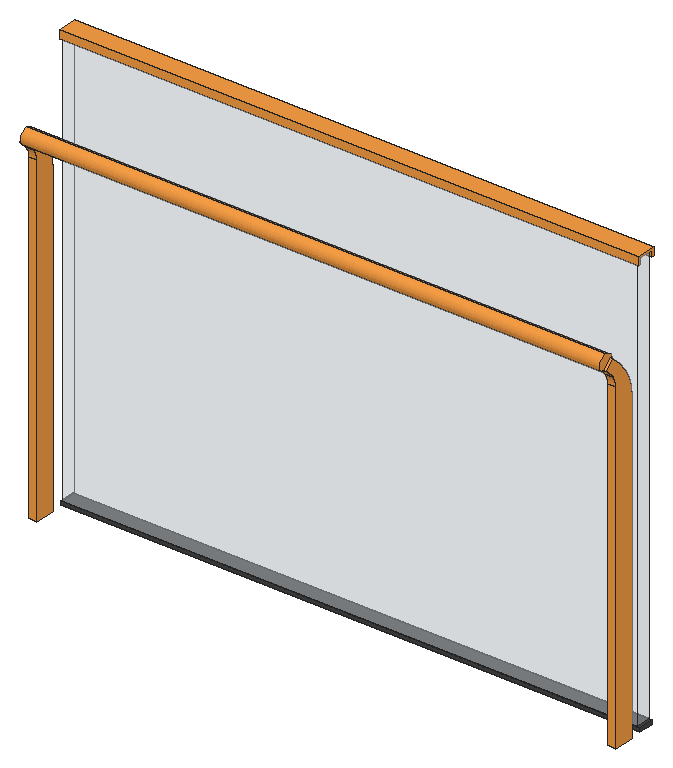
Revit family "Railing_Main", category Curtain Panels, Revit 2025
Family settings
  OmniClass Number = 23.25.20.14.11.11.17
  OmniClass Title = Infill Panels
  Always vertical = Yes
  Cut with Voids When Loaded = No
  Shared = No
Parameters (values of type "Flat")
  show_flat [instance] = is_flat  # yes
  show_arc inverted [instance] = and(is_arc, is_inverted arc)  # no
  show_arc [instance] = and(is_arc, not(is_inverted arc))  # no
  is_inverted arc [instance] = no
  is_flat [instance] = not(is_arc)  # yes
  is_arc = no
  Type Comments = "railing"
  R [instance] = 3000 mm
  Offset_Negative [instance] = if(CWPL_$Offset < 0 mm, abs(CWPL_$Offset), 0 mm)  # 0 mm
  Offset_Positive [instance] = if(CWPL_$Offset > 0 mm, abs(CWPL_$Offset), 0 mm)  # 0 mm
  Keynote = "RLG-1"
  H [instance] = 1100 mm
  Define Thermal Properties by = Schematic Type
  CWPL_$Width [instance] = 1500 mm
  CWPL_$Offset = 0 mm
  CWPL_$Height [instance] = 2500 mm
  Analytic Construction = "<None>"
Types (2, lengths in mm): name | show_flat | show_arc | is_flat | is_arc
  Flat | yes | no | yes | no
  Arc | no | yes | no | yes
Reference planes
  plane 1 "Front": y = 0
  plane 2: z = 0
  plane 3 "Center (Left/Right)": x = 0
  plane 4 "Left": x = -750
  plane 5 "Right": x = 750
  plane 6 "Top": z = 2500
  plane 7 "Host": y = 0
  plane 8: y = 0
Text (mm)
  text "Exterior" at (-1379.057, 797.241, 0), in view "Ref. Level"
  text "Exterior" at (12192, 1055.114, 2275.943), in view "Right"
  text "Exterior" at (-6096, 1468.734, 2687.031), in view "Left"
  text "WORKPLANE = HOST" at (922.129, 232.231, 0), in view "Ref. Level"
Dimensions and locks
  equal spacing: plane 4 "Left", plane 3 "Center (Left/Right)", plane 5 "Right"
  "CWPL_$Height": plane 2 to plane 6 "Top"
  "Offset_Positive": plane 7 "Host" to plane 8
  "Offset_Negative": plane 8 to plane 1 "Front"
  "CWPL_$Width": plane 4 "Left" to plane 5 "Right"
  aligned and locked: level to plane 2
  aligned and locked: plane 7 "Host" to nested 1
  aligned and locked: nested 1 to plane 5 "Right"
  aligned and locked: plane 1 "Front" to nested 2
  aligned and locked: nested 2 to plane 5 "Right"
  aligned and locked: nested 3 to plane 7 "Host"
  aligned and locked: nested 3 to plane 5 "Right"
Nested families
  nested 1: "Edge railing_Straight" at (750, 0, 0), W <- "CWPL_$Width", H <- "H", visible <- "show_flat", type "SD"
    with W 1500 mm, H 1100 mm
  nested 2: "Edge railing_Arc" at (750, 0, 0), H <- "H", R <- "R", W <- "CWPL_$Width", visible <- "show_arc", type "SD"
    with angle flip -14.4775°, angle 14.4775°, W 1500 mm, R 3000 mm, H 1100 mm
  nested 3: "Edge railing_Invert Arc" at (750, 0, 0), H <- "H", W <- "CWPL_$Width", R <- "R", visible <- "show_arc inverted", type "SD"
    with angle flip -14.4775°, angle 14.4775°, W 1500 mm, R 3000 mm, H 1100 mm
  nested 4: "EA_ID ARROW" at (50, 0, 0), type "SD"
  nested 5: "EA_ID ARROW" at (90.912, 0, 0), type "SD"
  nested 6: "EA_ID ARROW" at (10, 0, 0), type "SD"
Definition of nested family "Edge railing_Straight"
  Parameters (values of type "SD")
    yes = not(no)  # yes
    no = 1 > 2  # no
    W [instance] = 1500 mm
    Typ Railing = yes
    Low Railing [instance] = no
    Handrail h = 1100 mm
    H [instance] = 1100 mm
    Default Elevation = 0 mm
  Reference planes
    plane 1 "Center (Front/Back)": y = 0
    plane 2: z = 0
    plane 3 "Center (Left/Right)": x = 0
    plane 4: x = -1500
  Forms (mm)
    Sweep 1, solid
      path origin (0, 0, 0) x (1, 0, 0) y (0, 1, 0)
        loop
          line (0, 0) -> (-1500, 0)
      profile "Glass Profile : Vision" origin (-750, 0, 0) x (0, -1, 0) y (0, 0, 1)
        loop
          line (0, 0) -> (40, 0) -> (40, 1100) -> (0, 1100) -> (0, 0)
    Sweep 2, void
      path origin (0, 0, 0) x (1, 0, 0) y (0, 0, 1)
        loop
          line (0, 0) -> (0, 4500)
      profile "glass side trim V. Main_Void : SD" origin (0, 0, 2250) x (-1, 0, 0) y (0, -1, 0)
        loop
          line (-457.979, -190) -> (40, -190) -> (40, -90) -> (5, -90) -> (5, 140) -> (40, 140) -> (40, 220) -> (-457.979, 220) -> (-457.979, -190)
    Sweep 3, void
      path origin (-600, 0, 0) x (1, 0, 0) y (0, 0, 1)
        loop
          line (-900, 0) -> (-900, 4500)
      profile "glass side trim V. Main_Void : SD" origin (-1500, 0, 2250) x (-1, 0, 0) y (0, -1, 0)
        loop
          line (457.979, -190) -> (457.979, 220) -> (-40, 220) -> (-40, 140) -> (-5, 140) -> (-5, -90) -> (-40, -90) -> (-40, -190) -> (457.979, -190)
    Sweep 4, solid
      path origin (0, 0, 0) x (1, 0, 0) y (0, 1, 0)
        loop
          line (0, 0) -> (-1500, 0)
      profile "handrail : SD" origin (-750, 0, 0) x (0, -1, 0) y (0, 0, 1)
        loop
          circle (150, 900) r 20
    Sweep 5, solid
      path origin (0, 0, 0) x (1, 0, 0) y (0, 1, 0)
        loop
          line (0, 0) -> (-1500, 0)
      profile "Silicon : SD" origin (-750, 0, 0) x (0, -1, 0) y (0, 0, 1)
        loop
          line (40, -5) -> (40, 5) -> (0, 5) -> (0, -5) -> (40, -5)
    Sweep 6, solid
      path origin (0, 0, 0) x (1, 0, 0) y (0, 1, 0)
        loop
          line (0, 0) -> (-1500, 0)
      profile "Top rail : SD" origin (-750, 0, 0) x (0, -1, 0) y (0, 0, 1)
        loop
          line (45, 1100) -> (-5, 1100) -> (-5, 1080) -> (0, 1080) -> (0, 1095) -> (40, 1095) -> (40, 1080) -> (45, 1080) -> (45, 1100)
    Sweep 7, void
      path origin (0, 0, 0) x (1, 0, 0) y (0, 1, 0)
        loop
          line (0, 0) -> (-1500, 0)
      profile "Mullion H. Main_Void : SD" origin (-750, 0, 0) x (0, -1, 0) y (0, 0, 1)
        loop
          line (337.252, 1060) -> (337.252, 1290) -> (0, 1290) -> (0, 1095) -> (40, 1095) -> (40, 1060) -> (337.252, 1060)
    Sweep 8, void
      path origin (0, 0, 0) x (1, 0, 0) y (0, 1, 0)
        loop
          line (0, 0) -> (-1500, 0)
      profile "Mullion H. Main_Void : SD" origin (-750, 0, 0) x (0, -1, 0) y (0, 0, 1)
        loop
          line (337.252, 40) -> (40, 40) -> (40, 5) -> (0, 5) -> (0, -190) -> (337.252, -190) -> (337.252, 40)
  Cuts and joins
    Sweep 2, Sweep 3, Sweep 7, Sweep 8 cuts Sweep 1
  Dimensions and locks
    "W": plane 4 to plane 3 "Center (Left/Right)"
    Sweep 6 to plane 2 = 1100 mm
    Sweep 6 to nested 2 = 192.426 mm
    aligned and locked: plane 2 to level
    aligned and locked: plane 3 "Center (Left/Right)" to Sweep 1 sketch curve
    aligned and locked: plane 4 to Sweep 1 sketch curve
    aligned and locked: nested 1 to plane 4
    aligned and locked: nested 3 to level
    aligned and locked: nested 3 to plane 4
    aligned and locked: nested 4 to plane 3 "Center (Left/Right)"
    aligned and locked: plane 1 "Center (Front/Back)" to nested 5
  Automatic sketch dimensions
    plane 1 "Center (Front/Back)" to Sweep 1 sketch curve = 0 mm
    Sweep 2 sketch curve to plane 3 "Center (Left/Right)" = 0 mm
    Sweep 2 sketch curve to level = 0 mm
    Sweep 2 sketch curve to Sweep 2 sketch curve = 4500 mm
    Sweep 3 sketch curve to plane 4 = 0 mm
    Sweep 3 sketch curve to level = 0 mm
    Sweep 3 sketch curve to Sweep 3 sketch curve = 4500 mm
    plane 1 "Center (Front/Back)" to Sweep 4 sketch curve = 0 mm
    Sweep 4 sketch curve to plane 4 = 0 mm
    Sweep 4 sketch curve to plane 3 "Center (Left/Right)" = 0 mm
    plane 1 "Center (Front/Back)" to Sweep 5 sketch curve = 0 mm
    Sweep 5 sketch curve to plane 4 = 0 mm
    Sweep 5 sketch curve to plane 3 "Center (Left/Right)" = 0 mm
    plane 1 "Center (Front/Back)" to Sweep 6 sketch curve = 0 mm
    Sweep 6 sketch curve to plane 4 = 0 mm
    Sweep 6 sketch curve to plane 3 "Center (Left/Right)" = 0 mm
    plane 1 "Center (Front/Back)" to Sweep 7 sketch curve = 0 mm
    Sweep 7 sketch curve to plane 4 = 0 mm
    Sweep 7 sketch curve to plane 3 "Center (Left/Right)" = 0 mm
    plane 1 "Center (Front/Back)" to Sweep 8 sketch curve = 0 mm
    Sweep 8 sketch curve to plane 4 = 0 mm
    Sweep 8 sketch curve to plane 3 "Center (Left/Right)" = 0 mm
  Nested families
    nested 1: "Support" at (-1500, 0, 0) x (-1, 0, 0) z (0, 0, 1), visible <- "Typ Railing", type "DD"
    nested 2: "Support" at (0, 0, 0) x (-1, 0, 0) z (0, 0, 1), visible <- "Typ Railing", type "DD"
    nested 3: "support-Low" at (-1500, 0, 0) x (-1, 0, 0) z (0, 0, 1), visible <- "Low Railing", type "support-Low"
    nested 4: "support-Low" at (0, 0, 300) x (-1, 0, 0) z (0, 0, 1), visible <- "Low Railing", type "support-Low"
    nested 5: "EA_ID ARROW" at (-700, 0, 0), type "SD"
  Definition of nested family "Support"
    Parameters (values of type "support")
      Default Elevation = 0 mm
    Reference planes
      plane 1 "Center (Front/Back)": y = 0
      plane 2: z = 0
      plane 3 "Center (Left/Right)": x = 0
    Forms (mm)
      Extrusion 1, solid
        sketch origin (0, -160, 0) x (0, 1, 0) y (0, 0, 1)
          loop
            line (240, 0) -> (290, 0) -> (290, 839.289)
            arc (290, 839.289) -> (293.045, 854.597) -> (301.716, 867.574) r 40
            line (301.716, 867.574) -> (320.503, 886.36) -> (299.289, 907.574) -> (278.076, 886.36)
            arc (278.076, 886.36) -> (249.896, 844.185) -> (240, 794.437) r 130
            line (240, 794.437) -> (240, 0)
        from -10 to 10
    Dimensions and locks
      aligned and locked: plane 2 to level
  Definition of nested family "support-Low"
    Parameters (values of type "support-Low")
      Default Elevation = 0 mm
    Reference planes
      plane 1 "Center (Front/Back)": y = 0
      plane 2: z = 0
      plane 3 "Center (Left/Right)": x = 0
    Forms (mm)
      Extrusion 1, solid
        sketch origin (0, -160, 0) x (0, 1, 0) y (0, 0, 1)
          loop
            line (240, 0) -> (290, 0) -> (290, 539.289)
            arc (290, 539.289) -> (293.045, 554.597) -> (301.716, 567.574) r 40
            line (301.716, 567.574) -> (320.503, 586.36) -> (299.289, 607.574) -> (278.076, 586.36)
            arc (278.076, 586.36) -> (249.896, 544.185) -> (240, 494.437) r 130
            line (240, 494.437) -> (240, 0)
        from -10 to 10
    Dimensions and locks
      aligned and locked: plane 2 to level
  Definition of nested family "EA_ID ARROW"
    Parameters (values of type "SD")
      Default Elevation = 0 mm
    Reference planes
      plane 1 "Center (Front/Back)": y = 0
      plane 2: z = 0
      plane 3 "Center (Left/Right)": x = 0
      plane 4: z = 1500
      plane 5 "main": y = 500
    Lines and regions (mm)
      model lines
        curve 1: line (400, 500, 1500) -> (-400, 500, 1500)
        curve 2: line (-400, 500, 1500) -> (-272.721, 500, 1627.279)
        curve 3: line (-400, 500, 1500) -> (-272.721, 500, 1372.721)
    Dimensions and locks
      plane 2 to plane 4 = 1500 mm
      plane 5 "main" to plane 1 "Center (Front/Back)" = 500 mm
      aligned and locked: plane 2 to level
Definition of nested family "Edge railing_Arc"
  Parameters (values of type "SD")
    yes = not(no)  # yes
    no = 1 > 2  # no
    angle flip [instance] = -angle  # -14.4775°
    angle [instance] = asin((W / 2) / R)  # 14.4775°
    W [instance] = 1500 mm
    R [instance] = 3000 mm
    Handrail h = 1100 mm
    H [instance] = 4500 mm
    Default Elevation = 0 mm
  Reference planes
    plane 1 "Center (Front/Back)": y = 0
    plane 2: z = 0
    plane 3 "Center (Left/Right)": x = 0
    plane 4: x = -1500
  Forms (mm)
    Sweep 1, void
      path origin (0, 0, 0) x (1, 0, 0) y (0, 0, 1)
        loop
          line (0, 0) -> (0, 4500)
      profile "glass side trim V. Main_Void : SD" origin (0, 0, 2250) x (-1, 0, 0) y (0, -1, 0)
        loop
          line (-490.936, -69.472) -> (-8.77, -193.967) -> (16.23, -97.142) -> (-17.659, -88.392) -> (39.841, 134.304) -> (73.73, 125.554) -> (93.73, 203.014) -> (-388.436, 327.509) -> (-490.936, -69.472)
    Sweep 2, void
      path origin (-600, 0, 0) x (1, 0, 0) y (0, 0, 1)
        loop
          line (-900, 0) -> (-900, 4500)
      profile "glass side trim V. Main_Void : SD" origin (-1500, 0, 2250) x (-1, 0, 0) y (0, -1, 0)
        loop
          line (490.936, -69.472) -> (388.436, 327.509) -> (-93.73, 203.014) -> (-73.73, 125.554) -> (-39.841, 134.304) -> (17.659, -88.392) -> (-16.23, -97.142) -> (8.77, -193.967) -> (490.936, -69.472)
    Sweep 3, solid
      path in 3D
        loop
          arc (0, 0, 0) -> (-750, 95.262, 0) -> (-1500, 0, 0) r 3000
      profile "Glass Profile : Vision" origin (-750, 95.262, 0) x (0, -1, 0) y (0, 0, 1)
        loop
          line (0, 0) -> (40, 0) -> (40, 4500) -> (0, 4500) -> (0, 0)
    Sweep 4, solid
      path in 3D
        loop
          arc (0, 0, 0) -> (-750, 95.262, 0) -> (-1500, 0, 0) r 3000
      profile "Top rail : SD" origin (-750, 95.262, 0) x (0, -1, 0) y (0, 0, 1)
        loop
          line (45, 4500) -> (-5, 4500) -> (-5, 4480) -> (0, 4480) -> (0, 4495) -> (40, 4495) -> (40, 4480) -> (45, 4480) -> (45, 4500)
    Sweep 5, solid
      path in 3D
        loop
          arc (0, 0, 0) -> (-750, 95.262, 0) -> (-1500, 0, 0) r 3000
      profile "Handrail : SD" origin (-750, 95.262, 0) x (0, -1, 0) y (0, 0, 1)
        loop
          circle (150, 900) r 20
    Sweep 6, solid
      path in 3D
        loop
          arc (0, 0, 0) -> (-750, 95.262, 0) -> (-1500, 0, 0) r 3000
      profile "Silicon : SD" origin (-750, 95.262, 0) x (0, -1, 0) y (0, 0, 1)
        loop
          line (40, 5) -> (0, 5) -> (0, -5) -> (40, -5) -> (40, 5)
    Sweep 7, void
      path in 3D
        loop
          arc (0, 0, 0) -> (-750, 95.262, 0) -> (-1500, 0, 0) r 3000
      profile "Mullion H. Main_Void : SD" origin (-750, 95.262, 0) x (0, -1, 0) y (0, 0, 1)
        loop
          line (337.252, 4460) -> (337.252, 4690) -> (0, 4690) -> (0, 4495) -> (40, 4495) -> (40, 4460) -> (337.252, 4460)
    Sweep 8, void
      path in 3D
        loop
          arc (0, 0, 0) -> (-750, 95.262, 0) -> (-1500, 0, 0) r 3000
      profile "Mullion H. Main_Void : SD" origin (-750, 95.262, 0) x (0, -1, 0) y (0, 0, 1)
        loop
          line (337.252, 40) -> (40, 40) -> (40, 5) -> (0, 5) -> (0, -190) -> (337.252, -190) -> (337.252, 40)
  Cuts and joins
    Sweep 1, Sweep 2, Sweep 7, Sweep 8 cuts Sweep 3
  Lines and regions (mm)
    reference lines
      curve 1: arc (0, 0, 0) -> (-750, 95.262, 0) -> (-1500, 0, 0) r 3000
      curve 2: line (-1500, 0, 0) -> (-1200, -1161.895, 0)
      curve 3: line (0, 0, 0) -> (-200, -774.597, 0)
    sketch lines
      curve 4: arc (0, 0, 0) -> (-750, 95.262, 0) -> (-1500, 0, 0) r 3000
      curve 5: arc (0, 0, 0) -> (-750, 95.262, 0) -> (-1500, 0, 0) r 3000
      curve 6: arc (0, 0, 0) -> (-750, 95.262, 0) -> (-1500, 0, 0) r 3000
      curve 7: arc (0, 0, 0) -> (-750, 95.262, 0) -> (-1500, 0, 0) r 3000
      curve 8: arc (0, 0, 0) -> (-750, 95.262, 0) -> (-1500, 0, 0) r 3000
      curve 9: arc (0, 0, 0) -> (-750, 95.262, 0) -> (-1500, 0, 0) r 3000
  Dimensions and locks
    "W": plane 4 to plane 3 "Center (Left/Right)"
    "H": Sweep 1 sketch curve to Sweep 1 sketch curve
    "H": Sweep 2 sketch curve to Sweep 2 sketch curve
    "R": radius of curve 1
    "angle": angle plane 4 to curve 2
    "angle": angle curve 3 to plane 3 "Center (Left/Right)"
    aligned and locked: plane 2 to level
    aligned and locked: plane 1 "Center (Front/Back)" to nested 3
  Automatic sketch dimensions
    plane 1 "Center (Front/Back)" to curve 1 = 0 mm
    curve 1 to plane 4 = 0 mm
    plane 1 "Center (Front/Back)" to curve 3 = 0 mm
    curve 3 to plane 3 "Center (Left/Right)" = 0 mm
    Sweep 1 sketch curve to plane 3 "Center (Left/Right)" = 0 mm
    Sweep 1 sketch curve to level = 0 mm
    Sweep 2 sketch curve to plane 4 = 0 mm
    Sweep 2 sketch curve to level = 0 mm
  Nested families
    nested 1: "Supports" at (0, 0, 0) x (-0.9682, 0.25, 0) z (0, 0, 1), type "DD"
    nested 2: "Supports" at (-1500, 0, 0) x (-0.9682, -0.25, 0) z (0, 0, 1), type "DD"
    nested 3: "EA_ID ARROW" at (-740, 0, 0), type "SD"
  Definition of nested family "Supports"
    Parameters (values of type "support")
      Default Elevation = 0 mm
    Reference planes
      plane 1 "Center (Front/Back)": y = 0
      plane 2: z = 0
      plane 3 "Center (Left/Right)": x = 0
    Forms (mm)
      Extrusion 1, solid
        sketch origin (0, -160, 0) x (0, 1, 0) y (0, 0, 1)
          loop
            line (240, 0) -> (290, 0) -> (290, 839.289)
            arc (290, 839.289) -> (293.045, 854.597) -> (301.716, 867.574) r 40
            line (301.716, 867.574) -> (320.503, 886.36) -> (299.289, 907.574) -> (278.076, 886.36)
            arc (278.076, 886.36) -> (249.896, 844.185) -> (240, 794.437) r 130
            line (240, 794.437) -> (240, 0)
        from -10 to 10
    Dimensions and locks
      aligned and locked: plane 2 to level
  Definition of nested family "EA_ID ARROW"
    Parameters (values of type "SD")
      Default Elevation = 0 mm
    Reference planes
      plane 1 "Center (Front/Back)": y = 0
      plane 2: z = 0
      plane 3 "Center (Left/Right)": x = 0
      plane 4: z = 1500
      plane 5 "main": y = 500
    Lines and regions (mm)
      model lines
        curve 1: line (400, 500, 1500) -> (-400, 500, 1500)
        curve 2: line (-400, 500, 1500) -> (-272.721, 500, 1627.279)
        curve 3: line (-400, 500, 1500) -> (-272.721, 500, 1372.721)
    Dimensions and locks
      plane 2 to plane 4 = 1500 mm
      plane 5 "main" to plane 1 "Center (Front/Back)" = 500 mm
      aligned and locked: plane 2 to level
Definition of nested family "Edge railing_Invert Arc"
  Parameters (values of type "SD")
    yes = not(no)  # yes
    no = 1 > 2  # no
    angle flip [instance] = -angle  # -14.8724°
    angle [instance] = asin((W / 2) / R)  # 14.8724°
    W [instance] = 1540 mm
    R [instance] = 3000 mm
    Handrail h = 1100 mm
    H [instance] = 4500 mm
    Default Elevation = 0 mm
  Reference planes
    plane 1 "Center (Front/Back)": y = 0
    plane 2: z = 0
    plane 3 "Center (Left/Right)": x = 0
    plane 4: x = -1540
  Forms (mm)
    Sweep 1, void
      path origin (0, 0, 0) x (1, 0, 0) y (0, 0, 1)
        loop
          line (0, 0) -> (0, 4500)
      profile "glass side trim V. Main_Void : SD" origin (0, 0, 2250) x (-1, 0, 0) y (0, -1, 0)
        loop
          line (-393.87, -301.183) -> (87.427, -173.368) -> (61.76, -76.718) -> (27.932, -85.702) -> (-31.101, 136.593) -> (2.727, 145.577) -> (-17.807, 222.897) -> (-499.103, 95.082) -> (-393.87, -301.183)
    Sweep 2, void
      path origin (-600, 0, 0) x (1, 0, 0) y (0, 0, 1)
        loop
          line (-940, 0) -> (-940, 4500)
      profile "glass side trim V. Main_Void : SD" origin (-1540, 0, 2250) x (-1, 0, 0) y (0, -1, 0)
        loop
          line (393.87, -301.183) -> (499.103, 95.082) -> (17.807, 222.897) -> (-2.727, 145.577) -> (31.101, 136.593) -> (-27.932, -85.702) -> (-61.76, -76.718) -> (-87.427, -173.368) -> (393.87, -301.183)
    Sweep 3, solid
      path in 3D
        loop
          arc (0, 0, 0) -> (-770, -100.5, 0) -> (-1540, 0, 0) r 3000
      profile "Glass Profile : Vision" origin (-770, -100.5, 0) x (0, -1, 0) y (0, 0, 1)
        loop
          line (0, 0) -> (40, 0) -> (40, 4500) -> (0, 4500) -> (0, 0)
    Sweep 4, solid
      path in 3D
        loop
          arc (0, 0, 0) -> (-770, -100.5, 0) -> (-1540, 0, 0) r 3000
      profile "Top rail : SD" origin (-770, -100.5, 0) x (0, -1, 0) y (0, 0, 1)
        loop
          line (45, 4500) -> (-5, 4500) -> (-5, 4480) -> (0, 4480) -> (0, 4495) -> (40, 4495) -> (40, 4480) -> (45, 4480) -> (45, 4500)
    Sweep 5, solid
      path in 3D
        loop
          arc (0, 0, 0) -> (-770, -100.5, 0) -> (-1540, 0, 0) r 3000
      profile "handrail : SD" origin (-770, -100.5, 0) x (0, -1, 0) y (0, 0, 1)
        loop
          circle (150, 900) r 20
    Sweep 6, solid
      path in 3D
        loop
          arc (0, 0, 0) -> (-770, -100.5, 0) -> (-1540, 0, 0) r 3000
      profile "Silicon : SD" origin (-770, -100.5, 0) x (0, -1, 0) y (0, 0, 1)
        loop
          line (40, 5) -> (0, 5) -> (0, -5) -> (40, -5) -> (40, 5)
    Sweep 7, void
      path in 3D
        loop
          arc (0, 0, 0) -> (-770, -100.5, 0) -> (-1540, 0, 0) r 3000
      profile "Mullion H. Main_Void : SD" origin (-770, -100.5, 0) x (0, -1, 0) y (0, 0, 1)
        loop
          line (337.252, 4460) -> (337.252, 4690) -> (0, 4690) -> (0, 4495) -> (40, 4495) -> (40, 4460) -> (337.252, 4460)
    Sweep 8, void
      path in 3D
        loop
          arc (0, 0, 0) -> (-770, -100.5, 0) -> (-1540, 0, 0) r 3000
      profile "Mullion H. Main_Void : SD" origin (-770, -100.5, 0) x (0, -1, 0) y (0, 0, 1)
        loop
          line (337.252, 40) -> (40, 40) -> (40, 5) -> (0, 5) -> (0, -190) -> (337.252, -190) -> (337.252, 40)
  Cuts and joins
    Sweep 1, Sweep 2, Sweep 7, Sweep 8 cuts Sweep 3
    Sweep 1, Sweep 2 cuts Sweep 4
    Sweep 1, Sweep 2 cuts Sweep 6
  Lines and regions (mm)
    reference lines
      curve 1: arc (0, 0, 0) -> (-770, -100.5, 0) -> (-1540, 0, 0) r 3000
      curve 8: line (-1540, 0, 0) -> (-1714.533, -657.22, 0)
      curve 9: line (0, 0, 0) -> (225.867, -850.52, 0)
    sketch lines
      curve 2: arc (0, 0, 0) -> (-770, -100.5, 0) -> (-1540, 0, 0) r 3000
      curve 3: arc (0, 0, 0) -> (-770, -100.5, 0) -> (-1540, 0, 0) r 3000
      curve 4: arc (0, 0, 0) -> (-770, -100.5, 0) -> (-1540, 0, 0) r 3000
      curve 5: arc (0, 0, 0) -> (-770, -100.5, 0) -> (-1540, 0, 0) r 3000
      curve 6: arc (0, 0, 0) -> (-770, -100.5, 0) -> (-1540, 0, 0) r 3000
      curve 7: arc (0, 0, 0) -> (-770, -100.5, 0) -> (-1540, 0, 0) r 3000
  Dimensions and locks
    "W": plane 4 to plane 3 "Center (Left/Right)"
    "H": Sweep 1 sketch curve to Sweep 1 sketch curve
    "H": Sweep 2 sketch curve to Sweep 2 sketch curve
    equal spacing: plane 4, curve 1, plane 3 "Center (Left/Right)"
    "R": radius of curve 1
    "angle": angle plane 3 "Center (Left/Right)" to curve 9
    "angle": angle curve 8 to plane 4
    aligned and locked: plane 2 to level
    aligned and locked: plane 1 "Center (Front/Back)" to curve 1
    aligned and locked: plane 4 to curve 8
    aligned and locked: plane 3 "Center (Left/Right)" to curve 9
    aligned and locked: plane 1 "Center (Front/Back)" to nested 3
  Automatic sketch dimensions
    Sweep 1 sketch curve to plane 3 "Center (Left/Right)" = 0 mm
    Sweep 1 sketch curve to level = 0 mm
    Sweep 2 sketch curve to plane 4 = 0 mm
    Sweep 2 sketch curve to level = 0 mm
  Nested families
    nested 1: "support" at (0, 0, 0) x (-0.9665, -0.2567, 0) z (0, 0, 1), type "support"
    nested 2: "support" at (-1540, 0, 0) x (-0.9665, 0.2567, 0) z (0, 0, 1), type "support"
    nested 3: "EA_ID ARROW" at (-659.088, 0, 0), type "SD"
  Definition of nested family "support"
    Parameters (values of type "support")
      Default Elevation = 0 mm
    Reference planes
      plane 1 "Center (Front/Back)": y = 0
      plane 2: z = 0
      plane 3 "Center (Left/Right)": x = 0
    Forms (mm)
      Extrusion 1, solid
        sketch origin (0, -160, 0) x (0, 1, 0) y (0, 0, 1)
          loop
            line (240, 0) -> (290, 0) -> (290, 839.289)
            arc (290, 839.289) -> (293.045, 854.597) -> (301.716, 867.574) r 40
            line (301.716, 867.574) -> (320.503, 886.36) -> (299.289, 907.574) -> (278.076, 886.36)
            arc (278.076, 886.36) -> (249.896, 844.185) -> (240, 794.437) r 130
            line (240, 794.437) -> (240, 0)
        from -10 to 10
    Dimensions and locks
      aligned and locked: plane 2 to level
  Definition of nested family "EA_ID ARROW"
    Parameters (values of type "SD")
      Default Elevation = 0 mm
    Reference planes
      plane 1 "Center (Front/Back)": y = 0
      plane 2: z = 0
      plane 3 "Center (Left/Right)": x = 0
      plane 4: z = 1500
      plane 5 "main": y = 500
    Lines and regions (mm)
      model lines
        curve 1: line (400, 500, 1500) -> (-400, 500, 1500)
        curve 2: line (-400, 500, 1500) -> (-272.721, 500, 1627.279)
        curve 3: line (-400, 500, 1500) -> (-272.721, 500, 1372.721)
    Dimensions and locks
      plane 2 to plane 4 = 1500 mm
      plane 5 "main" to plane 1 "Center (Front/Back)" = 500 mm
      aligned and locked: plane 2 to level
Definition of nested family "EA_ID ARROW"
  Parameters (values of type "SD")
    Default Elevation = 0 mm
  Reference planes
    plane 1 "Center (Front/Back)": y = 0
    plane 2: z = 0
    plane 3 "Center (Left/Right)": x = 0
    plane 4: z = 1500
    plane 5 "main": y = 500
  Lines and regions (mm)
    model lines
      curve 1: line (400, 500, 1500) -> (-400, 500, 1500)
      curve 2: line (-400, 500, 1500) -> (-272.721, 500, 1627.279)
      curve 3: line (-400, 500, 1500) -> (-272.721, 500, 1372.721)
  Dimensions and locks
    plane 2 to plane 4 = 1500 mm
    plane 5 "main" to plane 1 "Center (Front/Back)" = 500 mm
    aligned and locked: plane 2 to level
